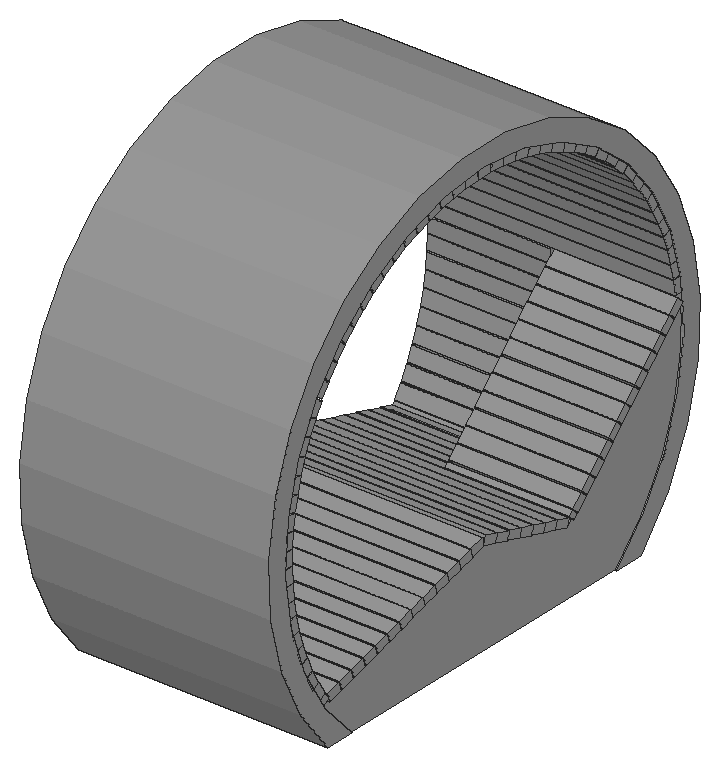
Revit family "Беседка «Калифорния» Арт 28364", category Антураж, Revit 2018 (continued)
Automatic sketch dimensions
  level to Extrusion 23 sketch curve = 374.414 mm
  Extrusion 23 sketch curve to Extrusion 23 sketch curve = 11.025 mm
  level to Extrusion 23 sketch curve = 316.669 mm
  level to Extrusion 24 sketch curve = 315.29 mm
  Extrusion 24 sketch curve to plane 5 = 795.338 mm
  level to Extrusion 24 sketch curve = 353.741 mm
  Extrusion 24 sketch curve to Extrusion 24 sketch curve = 11.025 mm
  level to Extrusion 24 sketch curve = 295.996 mm
  level to Extrusion 25 sketch curve = 294.618 mm
  Extrusion 25 sketch curve to plane 5 = 723.243 mm
  level to Extrusion 25 sketch curve = 333.068 mm
  Extrusion 25 sketch curve to Extrusion 25 sketch curve = 11.025 mm
  level to Extrusion 25 sketch curve = 275.323 mm
  level to Extrusion 26 sketch curve = 273.945 mm
  Extrusion 26 sketch curve to plane 5 = 651.148 mm
  level to Extrusion 26 sketch curve = 312.395 mm
  Extrusion 26 sketch curve to Extrusion 26 sketch curve = 11.025 mm
  level to Extrusion 26 sketch curve = 254.65 mm
  level to Extrusion 27 sketch curve = 253.272 mm
  Extrusion 27 sketch curve to plane 5 = 579.054 mm
  level to Extrusion 27 sketch curve = 291.722 mm
  Extrusion 27 sketch curve to Extrusion 27 sketch curve = 11.025 mm
  level to Extrusion 27 sketch curve = 233.977 mm
  level to Extrusion 28 sketch curve = 232.599 mm
  Extrusion 28 sketch curve to plane 5 = 506.959 mm
  level to Extrusion 28 sketch curve = 271.05 mm
  Extrusion 28 sketch curve to Extrusion 28 sketch curve = 11.025 mm
  level to Extrusion 28 sketch curve = 213.305 mm
  Extrusion 29 sketch curve to plane 5 = 434.864 mm
  level to Extrusion 29 sketch curve = 250.377 mm
  Extrusion 29 sketch curve to Extrusion 29 sketch curve = 11.025 mm
  Extrusion 29 sketch curve to Extrusion 29 sketch curve = 67.288 mm
  Extrusion 29 sketch curve to Extrusion 29 sketch curve = 19.295 mm
  level to Extrusion 30 sketch curve = 460 mm
  Extrusion 30 sketch curve to plane 1 "По центру (Вперед/Назад)" = 1300 mm
  level to Extrusion 30 sketch curve = 498.45 mm
  Extrusion 30 sketch curve to Extrusion 30 sketch curve = 11.025 mm
  level to Extrusion 30 sketch curve = 440.705 mm
  level to Extrusion 31 sketch curve = 439.327 mm
  Extrusion 31 sketch curve to plane 1 "По центру (Вперед/Назад)" = 1227.905 mm
  level to Extrusion 31 sketch curve = 477.778 mm
  Extrusion 31 sketch curve to Extrusion 31 sketch curve = 11.025 mm
  level to Extrusion 31 sketch curve = 420.033 mm
  level to Extrusion 32 sketch curve = 418.654 mm
  Extrusion 32 sketch curve to plane 1 "По центру (Вперед/Назад)" = 1155.811 mm
  level to Extrusion 32 sketch curve = 457.105 mm
  Extrusion 32 sketch curve to Extrusion 32 sketch curve = 11.025 mm
  level to Extrusion 32 sketch curve = 399.36 mm
  level to Extrusion 33 sketch curve = 397.982 mm
  Extrusion 33 sketch curve to plane 1 "По центру (Вперед/Назад)" = 1083.716 mm
  level to Extrusion 33 sketch curve = 436.432 mm
  Extrusion 33 sketch curve to Extrusion 33 sketch curve = 11.025 mm
  level to Extrusion 33 sketch curve = 378.687 mm
  level to Extrusion 34 sketch curve = 377.309 mm
  Extrusion 34 sketch curve to plane 1 "По центру (Вперед/Назад)" = 1011.621 mm
  level to Extrusion 34 sketch curve = 415.759 mm
  Extrusion 34 sketch curve to Extrusion 34 sketch curve = 11.025 mm
  level to Extrusion 34 sketch curve = 358.014 mm
  level to Extrusion 35 sketch curve = 356.636 mm
  Extrusion 35 sketch curve to plane 1 "По центру (Вперед/Назад)" = 939.527 mm
  level to Extrusion 35 sketch curve = 395.086 mm
  Extrusion 35 sketch curve to Extrusion 35 sketch curve = 11.025 mm
  level to Extrusion 35 sketch curve = 337.341 mm
  level to Extrusion 36 sketch curve = 335.963 mm
  Extrusion 36 sketch curve to plane 1 "По центру (Вперед/Назад)" = 867.432 mm
  level to Extrusion 36 sketch curve = 374.414 mm
  Extrusion 36 sketch curve to Extrusion 36 sketch curve = 11.025 mm
  level to Extrusion 36 sketch curve = 316.669 mm
  level to Extrusion 37 sketch curve = 315.29 mm
  Extrusion 37 sketch curve to plane 1 "По центру (Вперед/Назад)" = 795.338 mm
  level to Extrusion 37 sketch curve = 353.741 mm
  Extrusion 37 sketch curve to Extrusion 37 sketch curve = 11.025 mm
  level to Extrusion 37 sketch curve = 295.996 mm
  level to Extrusion 38 sketch curve = 294.618 mm
  Extrusion 38 sketch curve to plane 1 "По центру (Вперед/Назад)" = 723.243 mm
  level to Extrusion 38 sketch curve = 333.068 mm
  Extrusion 38 sketch curve to Extrusion 38 sketch curve = 11.025 mm
  level to Extrusion 38 sketch curve = 275.323 mm
  level to Extrusion 39 sketch curve = 273.945 mm
  Extrusion 39 sketch curve to plane 1 "По центру (Вперед/Назад)" = 651.148 mm
  level to Extrusion 39 sketch curve = 312.395 mm
  Extrusion 39 sketch curve to Extrusion 39 sketch curve = 11.025 mm
  level to Extrusion 39 sketch curve = 254.65 mm
  level to Extrusion 40 sketch curve = 253.272 mm
  Extrusion 40 sketch curve to plane 1 "По центру (Вперед/Назад)" = 579.054 mm
  level to Extrusion 40 sketch curve = 291.722 mm
  Extrusion 40 sketch curve to Extrusion 40 sketch curve = 11.025 mm
  level to Extrusion 40 sketch curve = 233.977 mm
  level to Extrusion 41 sketch curve = 232.599 mm
  Extrusion 41 sketch curve to plane 1 "По центру (Вперед/Назад)" = 506.959 mm
  level to Extrusion 41 sketch curve = 271.05 mm
  Extrusion 41 sketch curve to Extrusion 41 sketch curve = 11.025 mm
  level to Extrusion 41 sketch curve = 213.305 mm
  Extrusion 42 sketch curve to plane 1 "По центру (Вперед/Назад)" = 434.864 mm
  level to Extrusion 42 sketch curve = 250.377 mm
  Extrusion 42 sketch curve to Extrusion 42 sketch curve = 11.025 mm
  Extrusion 42 sketch curve to Extrusion 42 sketch curve = 67.288 mm
  Extrusion 42 sketch curve to Extrusion 42 sketch curve = 19.295 mm
  Extrusion 43 sketch curve to plane 5 = 181.35 mm
  Extrusion 43 sketch curve to Extrusion 43 sketch curve = 28.284 mm  (x2)
  Extrusion 43 sketch curve to Extrusion 43 sketch curve = 49.497 mm
  level to Extrusion 43 sketch curve = 936.97 mm
  Extrusion 44 sketch curve to Extrusion 44 sketch curve = 0 mm  (x2)
  plane 6 to Extrusion 44 sketch curve = 100.511 mm
  Extrusion 44 sketch curve to plane 1 "По центру (Вперед/Назад)" = 1265 mm
  Extrusion 44 sketch curve to Extrusion 44 sketch curve = 35 mm
  Extrusion 44 sketch curve to Extrusion 44 sketch curve = 70 mm
  Extrusion 44 sketch curve to Extrusion 44 sketch curve = 40.018 mm
  level to Extrusion 44 sketch curve = 894 mm
  Extrusion 45 sketch curve to Extrusion 45 sketch curve = 0 mm  (x2)
  plane 6 to Extrusion 45 sketch curve = 100.757 mm
  Extrusion 45 sketch curve to plane 5 = 1257.377 mm
  Extrusion 45 sketch curve to Extrusion 45 sketch curve = 35 mm
  Extrusion 45 sketch curve to Extrusion 45 sketch curve = 70 mm
  Extrusion 45 sketch curve to Extrusion 45 sketch curve = 40.018 mm
  Extrusion 45 sketch curve to Extrusion 45 sketch curve = 1159.472 mm
  Extrusion 46 sketch curve to Extrusion 46 sketch curve = 0 mm  (x2)
  plane 6 to Extrusion 46 sketch curve = 106.022 mm
  Extrusion 46 sketch curve to plane 5 = 1179.932 mm
  Extrusion 46 sketch curve to Extrusion 46 sketch curve = 35 mm
  Extrusion 46 sketch curve to Extrusion 46 sketch curve = 70 mm
  Extrusion 46 sketch curve to Extrusion 46 sketch curve = 40.018 mm
  Extrusion 46 sketch curve to Extrusion 46 sketch curve = 1159.472 mm
  Extrusion 47 sketch curve to Extrusion 47 sketch curve = 0 mm  (x2)
  plane 6 to Extrusion 47 sketch curve = 116.283 mm
  Extrusion 47 sketch curve to plane 5 = 1102.99 mm
  Extrusion 47 sketch curve to Extrusion 47 sketch curve = 35 mm
  Extrusion 47 sketch curve to Extrusion 47 sketch curve = 70 mm
  Extrusion 47 sketch curve to Extrusion 47 sketch curve = 40.018 mm
  Extrusion 47 sketch curve to Extrusion 47 sketch curve = 1159.472 mm
  Extrusion 48 sketch curve to Extrusion 48 sketch curve = 0 mm  (x2)
  plane 6 to Extrusion 48 sketch curve = 131.496 mm
  Extrusion 48 sketch curve to plane 5 = 1026.872 mm
  Extrusion 48 sketch curve to Extrusion 48 sketch curve = 35 mm
  Extrusion 48 sketch curve to Extrusion 48 sketch curve = 70 mm
  Extrusion 48 sketch curve to Extrusion 48 sketch curve = 40.018 mm
  Extrusion 48 sketch curve to Extrusion 48 sketch curve = 1159.472 mm
  Extrusion 49 sketch curve to Extrusion 49 sketch curve = 0 mm  (x2)
  plane 6 to Extrusion 49 sketch curve = 151.599 mm
  Extrusion 49 sketch curve to plane 5 = 951.896 mm
  Extrusion 49 sketch curve to Extrusion 49 sketch curve = 35 mm
  Extrusion 49 sketch curve to Extrusion 49 sketch curve = 70 mm
  Extrusion 49 sketch curve to Extrusion 49 sketch curve = 40.018 mm
  Extrusion 49 sketch curve to Extrusion 49 sketch curve = 1159.472 mm
  Extrusion 50 sketch curve to Extrusion 50 sketch curve = 0 mm  (x2)
  plane 6 to Extrusion 50 sketch curve = 176.508 mm
  Extrusion 50 sketch curve to plane 5 = 878.378 mm
  Extrusion 50 sketch curve to Extrusion 50 sketch curve = 35 mm
  Extrusion 50 sketch curve to Extrusion 50 sketch curve = 70 mm
  Extrusion 50 sketch curve to Extrusion 50 sketch curve = 40.018 mm
  Extrusion 50 sketch curve to Extrusion 50 sketch curve = 1159.472 mm
  Extrusion 51 sketch curve to Extrusion 51 sketch curve = 0 mm  (x2)
  plane 6 to Extrusion 51 sketch curve = 206.117 mm
  Extrusion 51 sketch curve to plane 5 = 806.623 mm
  Extrusion 51 sketch curve to Extrusion 51 sketch curve = 35 mm
  Extrusion 51 sketch curve to Extrusion 51 sketch curve = 70 mm
  Extrusion 51 sketch curve to Extrusion 51 sketch curve = 40.018 mm
  Extrusion 51 sketch curve to Extrusion 51 sketch curve = 1159.472 mm
  Extrusion 52 sketch curve to Extrusion 52 sketch curve = 0 mm  (x2)
  plane 6 to Extrusion 52 sketch curve = 240.304 mm
  Extrusion 52 sketch curve to plane 5 = 736.933 mm
  Extrusion 52 sketch curve to Extrusion 52 sketch curve = 35 mm
  Extrusion 52 sketch curve to Extrusion 52 sketch curve = 70 mm
  Extrusion 52 sketch curve to Extrusion 52 sketch curve = 40.018 mm
  Extrusion 52 sketch curve to Extrusion 52 sketch curve = 1159.472 mm
  Extrusion 53 sketch curve to Extrusion 53 sketch curve = 0 mm  (x2)
  plane 6 to Extrusion 53 sketch curve = 278.925 mm
  Extrusion 53 sketch curve to plane 5 = 669.599 mm
  Extrusion 53 sketch curve to Extrusion 53 sketch curve = 35 mm
  Extrusion 53 sketch curve to Extrusion 53 sketch curve = 70 mm
  Extrusion 53 sketch curve to Extrusion 53 sketch curve = 40.018 mm
  Extrusion 53 sketch curve to Extrusion 53 sketch curve = 1159.472 mm
  Extrusion 54 sketch curve to Extrusion 54 sketch curve = 0 mm  (x2)
  plane 6 to Extrusion 54 sketch curve = 321.818 mm
  Extrusion 54 sketch curve to plane 5 = 604.903 mm
  Extrusion 54 sketch curve to Extrusion 54 sketch curve = 35 mm
  Extrusion 54 sketch curve to Extrusion 54 sketch curve = 70 mm
  Extrusion 54 sketch curve to Extrusion 54 sketch curve = 40.018 mm
  Extrusion 54 sketch curve to Extrusion 54 sketch curve = 1159.472 mm
  Extrusion 55 sketch curve to Extrusion 55 sketch curve = 0 mm  (x2)
  plane 6 to Extrusion 55 sketch curve = 368.804 mm
  Extrusion 55 sketch curve to plane 5 = 543.116 mm
  Extrusion 55 sketch curve to Extrusion 55 sketch curve = 35 mm
  Extrusion 55 sketch curve to Extrusion 55 sketch curve = 70 mm
  Extrusion 55 sketch curve to Extrusion 55 sketch curve = 40.018 mm
  Extrusion 55 sketch curve to Extrusion 55 sketch curve = 1159.472 mm
  Extrusion 56 sketch curve to Extrusion 56 sketch curve = 0 mm  (x2)
  plane 6 to Extrusion 56 sketch curve = 419.687 mm
  Extrusion 56 sketch curve to plane 5 = 484.495 mm
  Extrusion 56 sketch curve to Extrusion 56 sketch curve = 35 mm
  Extrusion 56 sketch curve to Extrusion 56 sketch curve = 70 mm
  Extrusion 56 sketch curve to Extrusion 56 sketch curve = 40.018 mm
  Extrusion 56 sketch curve to Extrusion 56 sketch curve = 1159.472 mm
  Extrusion 57 sketch curve to Extrusion 57 sketch curve = 0 mm  (x2)
  Extrusion 57 sketch curve to plane 5 = 429.287 mm
  plane 6 to Extrusion 57 sketch curve = 474.253 mm
  Extrusion 57 sketch curve to Extrusion 57 sketch curve = 35 mm
  Extrusion 57 sketch curve to Extrusion 57 sketch curve = 70 mm
  Extrusion 57 sketch curve to Extrusion 57 sketch curve = 40.018 mm
  Extrusion 57 sketch curve to Extrusion 57 sketch curve = 1159.472 mm
  Extrusion 58 sketch curve to Extrusion 58 sketch curve = 0 mm  (x2)
  Extrusion 58 sketch curve to plane 5 = 377.722 mm
  plane 6 to Extrusion 58 sketch curve = 532.274 mm
  Extrusion 58 sketch curve to Extrusion 58 sketch curve = 35 mm
  Extrusion 58 sketch curve to Extrusion 58 sketch curve = 70 mm
  Extrusion 58 sketch curve to Extrusion 58 sketch curve = 40.018 mm
  Extrusion 58 sketch curve to Extrusion 58 sketch curve = 1159.472 mm
  Extrusion 59 sketch curve to Extrusion 59 sketch curve = 0 mm  (x2)
  Extrusion 59 sketch curve to plane 5 = 330.016 mm
  plane 6 to Extrusion 59 sketch curve = 593.508 mm
  Extrusion 59 sketch curve to Extrusion 59 sketch curve = 35 mm
  Extrusion 59 sketch curve to Extrusion 59 sketch curve = 70 mm
  Extrusion 59 sketch curve to Extrusion 59 sketch curve = 40.018 mm
  Extrusion 59 sketch curve to Extrusion 59 sketch curve = 1159.472 mm
  Extrusion 60 sketch curve to Extrusion 60 sketch curve = 0 mm  (x2)
  Extrusion 60 sketch curve to plane 5 = 286.369 mm
  plane 6 to Extrusion 60 sketch curve = 657.698 mm
  Extrusion 60 sketch curve to Extrusion 60 sketch curve = 35 mm
  Extrusion 60 sketch curve to Extrusion 60 sketch curve = 70 mm
  Extrusion 60 sketch curve to Extrusion 60 sketch curve = 40.018 mm
  Extrusion 60 sketch curve to Extrusion 60 sketch curve = 1159.472 mm
  Extrusion 61 sketch curve to Extrusion 61 sketch curve = 0 mm  (x2)
  Extrusion 61 sketch curve to plane 5 = 246.963 mm
  plane 6 to Extrusion 61 sketch curve = 724.575 mm
  Extrusion 61 sketch curve to Extrusion 61 sketch curve = 35 mm
  Extrusion 61 sketch curve to Extrusion 61 sketch curve = 70 mm
  Extrusion 61 sketch curve to Extrusion 61 sketch curve = 40.018 mm
  Extrusion 61 sketch curve to Extrusion 61 sketch curve = 1159.472 mm
  Extrusion 62 sketch curve to Extrusion 62 sketch curve = 0 mm  (x2)
  Extrusion 62 sketch curve to plane 5 = 211.964 mm
  plane 6 to Extrusion 62 sketch curve = 793.861 mm
  Extrusion 62 sketch curve to Extrusion 62 sketch curve = 35 mm
  Extrusion 62 sketch curve to Extrusion 62 sketch curve = 70 mm
  Extrusion 62 sketch curve to Extrusion 62 sketch curve = 40.018 mm
  Extrusion 62 sketch curve to Extrusion 62 sketch curve = 1159.472 mm
  Extrusion 63 sketch curve to Extrusion 63 sketch curve = 0 mm  (x2)
  Extrusion 63 sketch curve to plane 5 = 181.517 mm
  plane 6 to Extrusion 63 sketch curve = 865.264 mm
  Extrusion 63 sketch curve to Extrusion 63 sketch curve = 35 mm
  Extrusion 63 sketch curve to Extrusion 63 sketch curve = 70 mm
  Extrusion 63 sketch curve to Extrusion 63 sketch curve = 40.018 mm
  Extrusion 63 sketch curve to Extrusion 63 sketch curve = 1159.472 mm
  Extrusion 64 sketch curve to Extrusion 64 sketch curve = 0 mm  (x2)
  Extrusion 64 sketch curve to plane 5 = 155.75 mm
  plane 6 to Extrusion 64 sketch curve = 938.486 mm
  Extrusion 64 sketch curve to Extrusion 64 sketch curve = 35 mm
  Extrusion 64 sketch curve to Extrusion 64 sketch curve = 70 mm
  Extrusion 64 sketch curve to Extrusion 64 sketch curve = 40.018 mm
  Extrusion 64 sketch curve to Extrusion 64 sketch curve = 1159.472 mm
  Extrusion 65 sketch curve to Extrusion 65 sketch curve = 0 mm  (x2)
  Extrusion 65 sketch curve to plane 5 = 134.771 mm
  plane 6 to Extrusion 65 sketch curve = 1013.221 mm
  Extrusion 65 sketch curve to Extrusion 65 sketch curve = 35 mm
  Extrusion 65 sketch curve to Extrusion 65 sketch curve = 70 mm
  Extrusion 65 sketch curve to Extrusion 65 sketch curve = 40.018 mm
  Extrusion 65 sketch curve to Extrusion 65 sketch curve = 1159.472 mm
  Extrusion 66 sketch curve to Extrusion 66 sketch curve = 0 mm  (x2)
  Extrusion 66 sketch curve to plane 5 = 118.668 mm
  plane 6 to Extrusion 66 sketch curve = 1089.156 mm
  Extrusion 66 sketch curve to Extrusion 66 sketch curve = 35 mm
  Extrusion 66 sketch curve to Extrusion 66 sketch curve = 70 mm
  Extrusion 66 sketch curve to Extrusion 66 sketch curve = 40.018 mm
  Extrusion 66 sketch curve to Extrusion 66 sketch curve = 1159.472 mm
  Extrusion 67 sketch curve to Extrusion 67 sketch curve = 0 mm  (x2)
  Extrusion 67 sketch curve to plane 5 = 107.508 mm
  level to Extrusion 67 sketch curve = 1028.027 mm
  Extrusion 67 sketch curve to Extrusion 67 sketch curve = 35 mm
  Extrusion 67 sketch curve to Extrusion 67 sketch curve = 70 mm
  Extrusion 67 sketch curve to Extrusion 67 sketch curve = 40.018 mm
  Extrusion 67 sketch curve to Extrusion 67 sketch curve = 1159.472 mm
  Extrusion 68 sketch curve to Extrusion 68 sketch curve = 0 mm  (x2)
  Extrusion 68 sketch curve to plane 5 = 101.338 mm
  level to Extrusion 68 sketch curve = 950.649 mm
  Extrusion 68 sketch curve to Extrusion 68 sketch curve = 35 mm
  Extrusion 68 sketch curve to Extrusion 68 sketch curve = 70 mm
  Extrusion 68 sketch curve to Extrusion 68 sketch curve = 40.018 mm
  Extrusion 68 sketch curve to Extrusion 68 sketch curve = 1159.472 mm
  Extrusion 69 sketch curve to Extrusion 69 sketch curve = 0 mm  (x2)
  Extrusion 69 sketch curve to plane 5 = 100.183 mm
  level to Extrusion 69 sketch curve = 873.034 mm
  Extrusion 69 sketch curve to Extrusion 69 sketch curve = 35 mm
  Extrusion 69 sketch curve to Extrusion 69 sketch curve = 70 mm
  Extrusion 69 sketch curve to Extrusion 69 sketch curve = 40.018 mm
  Extrusion 69 sketch curve to Extrusion 69 sketch curve = 1159.472 mm
  Extrusion 70 sketch curve to Extrusion 70 sketch curve = 0 mm  (x2)
  Extrusion 70 sketch curve to plane 5 = 104.049 mm
  level to Extrusion 70 sketch curve = 795.507 mm
  Extrusion 70 sketch curve to Extrusion 70 sketch curve = 35 mm
  Extrusion 70 sketch curve to Extrusion 70 sketch curve = 70 mm
  Extrusion 70 sketch curve to Extrusion 70 sketch curve = 40.018 mm
  Extrusion 70 sketch curve to Extrusion 70 sketch curve = 1159.472 mm
  Extrusion 71 sketch curve to Extrusion 71 sketch curve = 0 mm  (x2)
  Extrusion 71 sketch curve to plane 5 = 112.919 mm
  level to Extrusion 71 sketch curve = 718.392 mm
  Extrusion 71 sketch curve to Extrusion 71 sketch curve = 35 mm
  Extrusion 71 sketch curve to Extrusion 71 sketch curve = 70 mm
  Extrusion 71 sketch curve to Extrusion 71 sketch curve = 40.018 mm
  Extrusion 71 sketch curve to Extrusion 71 sketch curve = 1159.472 mm
  Extrusion 72 sketch curve to Extrusion 72 sketch curve = 0 mm  (x2)
  Extrusion 72 sketch curve to plane 5 = 126.756 mm
  level to Extrusion 72 sketch curve = 642.012 mm
  Extrusion 72 sketch curve to Extrusion 72 sketch curve = 35 mm
  Extrusion 72 sketch curve to Extrusion 72 sketch curve = 70 mm
  Extrusion 72 sketch curve to Extrusion 72 sketch curve = 40.018 mm
  Extrusion 72 sketch curve to Extrusion 72 sketch curve = 1159.472 mm
  Extrusion 73 sketch curve to Extrusion 73 sketch curve = 0 mm  (x2)
  Extrusion 73 sketch curve to plane 5 = 145.502 mm
  level to Extrusion 73 sketch curve = 566.686 mm
  Extrusion 73 sketch curve to Extrusion 73 sketch curve = 35 mm
  Extrusion 73 sketch curve to Extrusion 73 sketch curve = 70 mm
  Extrusion 73 sketch curve to Extrusion 73 sketch curve = 40.018 mm
  Extrusion 73 sketch curve to Extrusion 73 sketch curve = 1159.472 mm
  Extrusion 74 sketch curve to Extrusion 74 sketch curve = 0 mm  (x2)
  Extrusion 74 sketch curve to plane 5 = 169.079 mm
  level to Extrusion 74 sketch curve = 492.73 mm
  Extrusion 74 sketch curve to Extrusion 74 sketch curve = 35 mm
  Extrusion 74 sketch curve to Extrusion 74 sketch curve = 70 mm
  Extrusion 74 sketch curve to Extrusion 74 sketch curve = 40.018 mm
  Extrusion 74 sketch curve to Extrusion 74 sketch curve = 1159.472 mm
  Extrusion 75 sketch curve to Extrusion 75 sketch curve = 0 mm  (x2)
  Extrusion 75 sketch curve to plane 5 = 197.388 mm
  level to Extrusion 75 sketch curve = 420.452 mm
  Extrusion 75 sketch curve to Extrusion 75 sketch curve = 35 mm
  Extrusion 75 sketch curve to Extrusion 75 sketch curve = 70 mm
  Extrusion 75 sketch curve to Extrusion 75 sketch curve = 40.018 mm
  Extrusion 75 sketch curve to Extrusion 75 sketch curve = 1159.472 mm
  Extrusion 76 sketch curve to Extrusion 76 sketch curve = 0 mm  (x2)
  Extrusion 76 sketch curve to plane 5 = 230.311 mm
  level to Extrusion 76 sketch curve = 350.156 mm
  Extrusion 76 sketch curve to Extrusion 76 sketch curve = 35 mm
  Extrusion 76 sketch curve to Extrusion 76 sketch curve = 70 mm
  Extrusion 76 sketch curve to Extrusion 76 sketch curve = 40.018 mm
  Extrusion 76 sketch curve to Extrusion 76 sketch curve = 1159.472 mm
  Extrusion 77 sketch curve to Extrusion 77 sketch curve = 0 mm  (x2)
  Extrusion 77 sketch curve to plane 5 = 267.71 mm
  level to Extrusion 77 sketch curve = 282.136 mm
  Extrusion 77 sketch curve to Extrusion 77 sketch curve = 35 mm
  Extrusion 77 sketch curve to Extrusion 77 sketch curve = 70 mm
  Extrusion 77 sketch curve to Extrusion 77 sketch curve = 40.018 mm
  Extrusion 77 sketch curve to Extrusion 77 sketch curve = 1159.472 mm
  Extrusion 78 sketch curve to Extrusion 78 sketch curve = 0 mm  (x2)
  level to Extrusion 78 sketch curve = 240.218 mm
  Extrusion 78 sketch curve to plane 5 = 341.789 mm
  Extrusion 78 sketch curve to Extrusion 78 sketch curve = 35 mm
  Extrusion 78 sketch curve to Extrusion 78 sketch curve = 1159.472 mm
  Extrusion 78 sketch curve to Extrusion 78 sketch curve = 40.018 mm
  Extrusion 79 sketch curve to plane 5 = 787.422 mm
  level to Extrusion 79 sketch curve = 378.356 mm
  Extrusion 79 sketch curve to Extrusion 79 sketch curve = 19.174 mm
  level to Extrusion 79 sketch curve = 330.898 mm
  Extrusion 79 sketch curve to Extrusion 79 sketch curve = 28.284 mm
  Extrusion 80 sketch curve to Extrusion 80 sketch curve = 0 mm  (x3)
  Extrusion 80 sketch curve to level = 0 mm
  Extrusion 80 sketch curve to plane 1 "По центру (Вперед/Назад)" = 103.568 mm
  Extrusion 80 sketch curve to plane 1 "По центру (Вперед/Назад)" = 499.523 mm
  level to Extrusion 80 sketch curve = 310.701 mm
  Extrusion 80 sketch curve to Extrusion 80 sketch curve = 279.811 mm
  Extrusion 80 sketch curve to Extrusion 80 sketch curve = 520.666 mm
  level to Extrusion 80 sketch curve = 460 mm
  Extrusion 80 sketch curve to plane 5 = 499.523 mm
  level to Extrusion 80 sketch curve = 182.841 mm
  Extrusion 80 sketch curve to Extrusion 80 sketch curve = 166.09 mm
  Extrusion 81 sketch curve to Extrusion 81 sketch curve = 0 mm  (x3)
  Extrusion 81 sketch curve to level = 0 mm
  Extrusion 81 sketch curve to plane 1 "По центру (Вперед/Назад)" = 103.568 mm
  Extrusion 81 sketch curve to plane 1 "По центру (Вперед/Назад)" = 499.523 mm
  level to Extrusion 81 sketch curve = 310.701 mm
  Extrusion 81 sketch curve to Extrusion 81 sketch curve = 279.811 mm
  Extrusion 81 sketch curve to Extrusion 81 sketch curve = 520.666 mm
  level to Extrusion 81 sketch curve = 460 mm
  Extrusion 81 sketch curve to plane 5 = 499.523 mm
  level to Extrusion 81 sketch curve = 182.841 mm
  Extrusion 81 sketch curve to Extrusion 81 sketch curve = 166.09 mm
  Extrusion 82 sketch curve to plane 1 "По центру (Вперед/Назад)" = 234.383 mm
  Extrusion 82 sketch curve to Extrusion 82 sketch curve = 28.284 mm  (x2)
  Extrusion 82 sketch curve to Extrusion 82 sketch curve = 49.497 mm
  level to Extrusion 82 sketch curve = 883.937 mm
  Extrusion 83 sketch curve to plane 1 "По центру (Вперед/Назад)" = 287.416 mm
  Extrusion 83 sketch curve to Extrusion 83 sketch curve = 28.284 mm  (x2)
  Extrusion 83 sketch curve to Extrusion 83 sketch curve = 49.497 mm
  level to Extrusion 83 sketch curve = 830.904 mm
  Extrusion 84 sketch curve to plane 1 "По центру (Вперед/Назад)" = 340.449 mm
  Extrusion 84 sketch curve to Extrusion 84 sketch curve = 28.284 mm  (x2)
  Extrusion 84 sketch curve to Extrusion 84 sketch curve = 49.497 mm
  level to Extrusion 84 sketch curve = 777.871 mm
  Extrusion 85 sketch curve to plane 1 "По центру (Вперед/Назад)" = 393.482 mm
  Extrusion 85 sketch curve to Extrusion 85 sketch curve = 28.284 mm  (x2)
  Extrusion 85 sketch curve to Extrusion 85 sketch curve = 49.497 mm
  level to Extrusion 85 sketch curve = 724.838 mm
  Extrusion 86 sketch curve to plane 1 "По центру (Вперед/Назад)" = 446.515 mm
  Extrusion 86 sketch curve to Extrusion 86 sketch curve = 28.284 mm  (x2)
  Extrusion 86 sketch curve to Extrusion 86 sketch curve = 49.497 mm
  level to Extrusion 86 sketch curve = 671.805 mm
  Extrusion 87 sketch curve to plane 1 "По центру (Вперед/Назад)" = 499.548 mm
  Extrusion 87 sketch curve to Extrusion 87 sketch curve = 28.284 mm  (x2)
  Extrusion 87 sketch curve to Extrusion 87 sketch curve = 49.497 mm
  level to Extrusion 87 sketch curve = 618.772 mm
  Extrusion 88 sketch curve to plane 1 "По центру (Вперед/Назад)" = 552.581 mm
  Extrusion 88 sketch curve to Extrusion 88 sketch curve = 28.284 mm  (x2)
  Extrusion 88 sketch curve to Extrusion 88 sketch curve = 49.497 mm
  level to Extrusion 88 sketch curve = 565.739 mm
  Extrusion 89 sketch curve to plane 1 "По центру (Вперед/Назад)" = 605.614 mm
  Extrusion 89 sketch curve to Extrusion 89 sketch curve = 28.284 mm  (x2)
  Extrusion 89 sketch curve to Extrusion 89 sketch curve = 49.497 mm
  level to Extrusion 89 sketch curve = 512.706 mm
  Extrusion 90 sketch curve to plane 1 "По центру (Вперед/Назад)" = 658.647 mm
  Extrusion 90 sketch curve to Extrusion 90 sketch curve = 28.284 mm  (x2)
  Extrusion 90 sketch curve to Extrusion 90 sketch curve = 49.497 mm
  level to Extrusion 90 sketch curve = 459.673 mm
  Extrusion 91 sketch curve to plane 1 "По центру (Вперед/Назад)" = 711.68 mm
  level to Extrusion 91 sketch curve = 406.64 mm
  Extrusion 91 sketch curve to Extrusion 91 sketch curve = 28.284 mm
  level to Extrusion 91 sketch curve = 484.422 mm
  Extrusion 91 sketch curve to Extrusion 91 sketch curve = 49.497 mm
  Extrusion 92 sketch curve to plane 1 "По центру (Вперед/Назад)" = 764.713 mm
  level to Extrusion 92 sketch curve = 353.607 mm
  Extrusion 92 sketch curve to Extrusion 92 sketch curve = 28.284 mm
  level to Extrusion 92 sketch curve = 431.389 mm
  Extrusion 92 sketch curve to Extrusion 92 sketch curve = 49.497 mm
  Extrusion 93 sketch curve to plane 1 "По центру (Вперед/Назад)" = 181.35 mm
  Extrusion 93 sketch curve to Extrusion 93 sketch curve = 28.284 mm  (x2)
  Extrusion 93 sketch curve to Extrusion 93 sketch curve = 49.497 mm
  level to Extrusion 93 sketch curve = 936.97 mm
  Extrusion 94 sketch curve to Extrusion 94 sketch curve = 0 mm  (x2)
  plane 6 to Extrusion 94 sketch curve = 100.511 mm
  Extrusion 94 sketch curve to plane 5 = 1265 mm
  Extrusion 94 sketch curve to Extrusion 94 sketch curve = 35 mm
  Extrusion 94 sketch curve to Extrusion 94 sketch curve = 70 mm
  Extrusion 94 sketch curve to Extrusion 94 sketch curve = 40.018 mm
  level to Extrusion 94 sketch curve = 894 mm
  Extrusion 95 sketch curve to Extrusion 95 sketch curve = 0 mm  (x2)
  plane 6 to Extrusion 95 sketch curve = 100.757 mm
  Extrusion 95 sketch curve to plane 1 "По центру (Вперед/Назад)" = 1257.377 mm
  Extrusion 95 sketch curve to Extrusion 95 sketch curve = 35 mm
  Extrusion 95 sketch curve to Extrusion 95 sketch curve = 70 mm
  Extrusion 95 sketch curve to Extrusion 95 sketch curve = 40.018 mm
  Extrusion 95 sketch curve to Extrusion 95 sketch curve = 1159.472 mm
  Extrusion 96 sketch curve to Extrusion 96 sketch curve = 0 mm  (x2)
  plane 6 to Extrusion 96 sketch curve = 106.022 mm
  Extrusion 96 sketch curve to plane 1 "По центру (Вперед/Назад)" = 1179.932 mm
  Extrusion 96 sketch curve to Extrusion 96 sketch curve = 35 mm
  Extrusion 96 sketch curve to Extrusion 96 sketch curve = 70 mm
  Extrusion 96 sketch curve to Extrusion 96 sketch curve = 40.018 mm
  Extrusion 96 sketch curve to Extrusion 96 sketch curve = 1159.472 mm
  Extrusion 97 sketch curve to Extrusion 97 sketch curve = 0 mm  (x2)
  plane 6 to Extrusion 97 sketch curve = 116.283 mm
  Extrusion 97 sketch curve to plane 1 "По центру (Вперед/Назад)" = 1102.99 mm
  Extrusion 97 sketch curve to Extrusion 97 sketch curve = 35 mm
  Extrusion 97 sketch curve to Extrusion 97 sketch curve = 70 mm
  Extrusion 97 sketch curve to Extrusion 97 sketch curve = 40.018 mm
  Extrusion 97 sketch curve to Extrusion 97 sketch curve = 1159.472 mm
  Extrusion 98 sketch curve to Extrusion 98 sketch curve = 0 mm  (x2)
  plane 6 to Extrusion 98 sketch curve = 131.496 mm
  Extrusion 98 sketch curve to plane 1 "По центру (Вперед/Назад)" = 1026.872 mm
  Extrusion 98 sketch curve to Extrusion 98 sketch curve = 35 mm
  Extrusion 98 sketch curve to Extrusion 98 sketch curve = 70 mm
  Extrusion 98 sketch curve to Extrusion 98 sketch curve = 40.018 mm
  Extrusion 98 sketch curve to Extrusion 98 sketch curve = 1159.472 mm
  Extrusion 99 sketch curve to Extrusion 99 sketch curve = 0 mm  (x2)
  plane 6 to Extrusion 99 sketch curve = 151.599 mm
  Extrusion 99 sketch curve to plane 1 "По центру (Вперед/Назад)" = 951.896 mm
  Extrusion 99 sketch curve to Extrusion 99 sketch curve = 35 mm
  Extrusion 99 sketch curve to Extrusion 99 sketch curve = 70 mm
  Extrusion 99 sketch curve to Extrusion 99 sketch curve = 40.018 mm
  Extrusion 99 sketch curve to Extrusion 99 sketch curve = 1159.472 mm
  Extrusion 100 sketch curve to Extrusion 100 sketch curve = 0 mm  (x2)
  plane 6 to Extrusion 100 sketch curve = 176.508 mm
  Extrusion 100 sketch curve to plane 1 "По центру (Вперед/Назад)" = 878.378 mm
  Extrusion 100 sketch curve to Extrusion 100 sketch curve = 35 mm
  Extrusion 100 sketch curve to Extrusion 100 sketch curve = 70 mm
  Extrusion 100 sketch curve to Extrusion 100 sketch curve = 40.018 mm
  Extrusion 100 sketch curve to Extrusion 100 sketch curve = 1159.472 mm
  Extrusion 101 sketch curve to Extrusion 101 sketch curve = 0 mm  (x2)
  plane 6 to Extrusion 101 sketch curve = 206.117 mm
  Extrusion 101 sketch curve to plane 1 "По центру (Вперед/Назад)" = 806.623 mm
  Extrusion 101 sketch curve to Extrusion 101 sketch curve = 35 mm
  Extrusion 101 sketch curve to Extrusion 101 sketch curve = 70 mm
  Extrusion 101 sketch curve to Extrusion 101 sketch curve = 40.018 mm
  Extrusion 101 sketch curve to Extrusion 101 sketch curve = 1159.472 mm
  Extrusion 102 sketch curve to Extrusion 102 sketch curve = 0 mm  (x2)
  plane 6 to Extrusion 102 sketch curve = 240.304 mm
  Extrusion 102 sketch curve to plane 1 "По центру (Вперед/Назад)" = 736.933 mm
  Extrusion 102 sketch curve to Extrusion 102 sketch curve = 35 mm
  Extrusion 102 sketch curve to Extrusion 102 sketch curve = 70 mm
  Extrusion 102 sketch curve to Extrusion 102 sketch curve = 40.018 mm
  Extrusion 102 sketch curve to Extrusion 102 sketch curve = 1159.472 mm
  Extrusion 103 sketch curve to Extrusion 103 sketch curve = 0 mm  (x2)
  plane 6 to Extrusion 103 sketch curve = 278.925 mm
  Extrusion 103 sketch curve to plane 1 "По центру (Вперед/Назад)" = 669.599 mm
  Extrusion 103 sketch curve to Extrusion 103 sketch curve = 35 mm
  Extrusion 103 sketch curve to Extrusion 103 sketch curve = 70 mm
  Extrusion 103 sketch curve to Extrusion 103 sketch curve = 40.018 mm
  Extrusion 103 sketch curve to Extrusion 103 sketch curve = 1159.472 mm
  Extrusion 104 sketch curve to Extrusion 104 sketch curve = 0 mm  (x2)
  plane 6 to Extrusion 104 sketch curve = 321.818 mm
  Extrusion 104 sketch curve to plane 1 "По центру (Вперед/Назад)" = 604.903 mm
  Extrusion 104 sketch curve to Extrusion 104 sketch curve = 35 mm
  Extrusion 104 sketch curve to Extrusion 104 sketch curve = 70 mm
  Extrusion 104 sketch curve to Extrusion 104 sketch curve = 40.018 mm
  Extrusion 104 sketch curve to Extrusion 104 sketch curve = 1159.472 mm
  Extrusion 105 sketch curve to Extrusion 105 sketch curve = 0 mm  (x2)
  plane 6 to Extrusion 105 sketch curve = 368.804 mm
  Extrusion 105 sketch curve to plane 1 "По центру (Вперед/Назад)" = 543.116 mm
  Extrusion 105 sketch curve to Extrusion 105 sketch curve = 35 mm
  Extrusion 105 sketch curve to Extrusion 105 sketch curve = 70 mm
  Extrusion 105 sketch curve to Extrusion 105 sketch curve = 40.018 mm
  Extrusion 105 sketch curve to Extrusion 105 sketch curve = 1159.472 mm
  Extrusion 106 sketch curve to Extrusion 106 sketch curve = 0 mm  (x2)
  plane 6 to Extrusion 106 sketch curve = 419.687 mm
  Extrusion 106 sketch curve to plane 1 "По центру (Вперед/Назад)" = 484.495 mm
  Extrusion 106 sketch curve to Extrusion 106 sketch curve = 35 mm
  Extrusion 106 sketch curve to Extrusion 106 sketch curve = 70 mm
  Extrusion 106 sketch curve to Extrusion 106 sketch curve = 40.018 mm
  Extrusion 106 sketch curve to Extrusion 106 sketch curve = 1159.472 mm
  Extrusion 107 sketch curve to Extrusion 107 sketch curve = 0 mm  (x2)
  Extrusion 107 sketch curve to plane 1 "По центру (Вперед/Назад)" = 429.287 mm
  plane 6 to Extrusion 107 sketch curve = 474.253 mm
  Extrusion 107 sketch curve to Extrusion 107 sketch curve = 35 mm
  Extrusion 107 sketch curve to Extrusion 107 sketch curve = 70 mm
  Extrusion 107 sketch curve to Extrusion 107 sketch curve = 40.018 mm
  Extrusion 107 sketch curve to Extrusion 107 sketch curve = 1159.472 mm
  Extrusion 108 sketch curve to Extrusion 108 sketch curve = 0 mm  (x2)
  Extrusion 108 sketch curve to plane 1 "По центру (Вперед/Назад)" = 377.722 mm
  plane 6 to Extrusion 108 sketch curve = 532.274 mm
  Extrusion 108 sketch curve to Extrusion 108 sketch curve = 35 mm
  Extrusion 108 sketch curve to Extrusion 108 sketch curve = 70 mm
  Extrusion 108 sketch curve to Extrusion 108 sketch curve = 40.018 mm
  Extrusion 108 sketch curve to Extrusion 108 sketch curve = 1159.472 mm
  Extrusion 109 sketch curve to Extrusion 109 sketch curve = 0 mm  (x2)
  Extrusion 109 sketch curve to plane 1 "По центру (Вперед/Назад)" = 330.016 mm
  plane 6 to Extrusion 109 sketch curve = 593.508 mm
  Extrusion 109 sketch curve to Extrusion 109 sketch curve = 35 mm
  Extrusion 109 sketch curve to Extrusion 109 sketch curve = 70 mm
  Extrusion 109 sketch curve to Extrusion 109 sketch curve = 40.018 mm
  Extrusion 109 sketch curve to Extrusion 109 sketch curve = 1159.472 mm
  Extrusion 110 sketch curve to Extrusion 110 sketch curve = 0 mm  (x2)
  Extrusion 110 sketch curve to plane 1 "По центру (Вперед/Назад)" = 286.369 mm
  plane 6 to Extrusion 110 sketch curve = 657.698 mm
  Extrusion 110 sketch curve to Extrusion 110 sketch curve = 35 mm
  Extrusion 110 sketch curve to Extrusion 110 sketch curve = 70 mm
  Extrusion 110 sketch curve to Extrusion 110 sketch curve = 40.018 mm
  Extrusion 110 sketch curve to Extrusion 110 sketch curve = 1159.472 mm
  Extrusion 111 sketch curve to Extrusion 111 sketch curve = 0 mm  (x2)
  Extrusion 111 sketch curve to plane 1 "По центру (Вперед/Назад)" = 246.963 mm
  plane 6 to Extrusion 111 sketch curve = 724.575 mm
  Extrusion 111 sketch curve to Extrusion 111 sketch curve = 35 mm
  Extrusion 111 sketch curve to Extrusion 111 sketch curve = 70 mm
  Extrusion 111 sketch curve to Extrusion 111 sketch curve = 40.018 mm
  Extrusion 111 sketch curve to Extrusion 111 sketch curve = 1159.472 mm
  Extrusion 112 sketch curve to Extrusion 112 sketch curve = 0 mm  (x2)
  Extrusion 112 sketch curve to plane 1 "По центру (Вперед/Назад)" = 211.964 mm
  plane 6 to Extrusion 112 sketch curve = 793.861 mm
  Extrusion 112 sketch curve to Extrusion 112 sketch curve = 35 mm
  Extrusion 112 sketch curve to Extrusion 112 sketch curve = 70 mm
  Extrusion 112 sketch curve to Extrusion 112 sketch curve = 40.018 mm
  Extrusion 112 sketch curve to Extrusion 112 sketch curve = 1159.472 mm
  Extrusion 113 sketch curve to Extrusion 113 sketch curve = 0 mm  (x2)
  Extrusion 113 sketch curve to plane 1 "По центру (Вперед/Назад)" = 181.517 mm
  plane 6 to Extrusion 113 sketch curve = 865.264 mm
  Extrusion 113 sketch curve to Extrusion 113 sketch curve = 35 mm
  Extrusion 113 sketch curve to Extrusion 113 sketch curve = 70 mm
  Extrusion 113 sketch curve to Extrusion 113 sketch curve = 40.018 mm
  Extrusion 113 sketch curve to Extrusion 113 sketch curve = 1159.472 mm
  Extrusion 114 sketch curve to Extrusion 114 sketch curve = 0 mm  (x2)
  Extrusion 114 sketch curve to plane 1 "По центру (Вперед/Назад)" = 155.75 mm
  plane 6 to Extrusion 114 sketch curve = 938.486 mm
  Extrusion 114 sketch curve to Extrusion 114 sketch curve = 35 mm
  Extrusion 114 sketch curve to Extrusion 114 sketch curve = 70 mm
  Extrusion 114 sketch curve to Extrusion 114 sketch curve = 40.018 mm
  Extrusion 114 sketch curve to Extrusion 114 sketch curve = 1159.472 mm
  Extrusion 115 sketch curve to Extrusion 115 sketch curve = 0 mm  (x2)
  Extrusion 115 sketch curve to plane 1 "По центру (Вперед/Назад)" = 134.771 mm
  plane 6 to Extrusion 115 sketch curve = 1013.221 mm
  Extrusion 115 sketch curve to Extrusion 115 sketch curve = 35 mm
  Extrusion 115 sketch curve to Extrusion 115 sketch curve = 70 mm
  Extrusion 115 sketch curve to Extrusion 115 sketch curve = 40.018 mm
  Extrusion 115 sketch curve to Extrusion 115 sketch curve = 1159.472 mm
  Extrusion 116 sketch curve to Extrusion 116 sketch curve = 0 mm  (x2)
  Extrusion 116 sketch curve to plane 1 "По центру (Вперед/Назад)" = 118.668 mm
  plane 6 to Extrusion 116 sketch curve = 1089.156 mm
  Extrusion 116 sketch curve to Extrusion 116 sketch curve = 35 mm
  Extrusion 116 sketch curve to Extrusion 116 sketch curve = 70 mm
  Extrusion 116 sketch curve to Extrusion 116 sketch curve = 40.018 mm
  Extrusion 116 sketch curve to Extrusion 116 sketch curve = 1159.472 mm
  Extrusion 117 sketch curve to Extrusion 117 sketch curve = 0 mm  (x2)
  Extrusion 117 sketch curve to plane 1 "По центру (Вперед/Назад)" = 107.508 mm
  level to Extrusion 117 sketch curve = 1028.027 mm
  Extrusion 117 sketch curve to Extrusion 117 sketch curve = 35 mm
  Extrusion 117 sketch curve to Extrusion 117 sketch curve = 70 mm
  Extrusion 117 sketch curve to Extrusion 117 sketch curve = 40.018 mm
  Extrusion 117 sketch curve to Extrusion 117 sketch curve = 1159.472 mm
  Extrusion 118 sketch curve to Extrusion 118 sketch curve = 0 mm  (x2)
  Extrusion 118 sketch curve to plane 1 "По центру (Вперед/Назад)" = 101.338 mm
  level to Extrusion 118 sketch curve = 950.649 mm
  Extrusion 118 sketch curve to Extrusion 118 sketch curve = 35 mm
  Extrusion 118 sketch curve to Extrusion 118 sketch curve = 70 mm
  Extrusion 118 sketch curve to Extrusion 118 sketch curve = 40.018 mm
  Extrusion 118 sketch curve to Extrusion 118 sketch curve = 1159.472 mm
  Extrusion 119 sketch curve to Extrusion 119 sketch curve = 0 mm  (x2)
  Extrusion 119 sketch curve to plane 1 "По центру (Вперед/Назад)" = 100.183 mm
  level to Extrusion 119 sketch curve = 873.034 mm
  Extrusion 119 sketch curve to Extrusion 119 sketch curve = 35 mm
  Extrusion 119 sketch curve to Extrusion 119 sketch curve = 70 mm
  Extrusion 119 sketch curve to Extrusion 119 sketch curve = 40.018 mm
  Extrusion 119 sketch curve to Extrusion 119 sketch curve = 1159.472 mm
  Extrusion 120 sketch curve to Extrusion 120 sketch curve = 0 mm  (x2)
  Extrusion 120 sketch curve to plane 1 "По центру (Вперед/Назад)" = 104.049 mm
  level to Extrusion 120 sketch curve = 795.507 mm
  Extrusion 120 sketch curve to Extrusion 120 sketch curve = 35 mm
  Extrusion 120 sketch curve to Extrusion 120 sketch curve = 70 mm
  Extrusion 120 sketch curve to Extrusion 120 sketch curve = 40.018 mm
  Extrusion 120 sketch curve to Extrusion 120 sketch curve = 1159.472 mm
  Extrusion 121 sketch curve to Extrusion 121 sketch curve = 0 mm  (x2)
  Extrusion 121 sketch curve to plane 1 "По центру (Вперед/Назад)" = 112.919 mm
  level to Extrusion 121 sketch curve = 718.392 mm
  Extrusion 121 sketch curve to Extrusion 121 sketch curve = 35 mm
  Extrusion 121 sketch curve to Extrusion 121 sketch curve = 70 mm
  Extrusion 121 sketch curve to Extrusion 121 sketch curve = 40.018 mm
  Extrusion 121 sketch curve to Extrusion 121 sketch curve = 1159.472 mm
  Extrusion 122 sketch curve to Extrusion 122 sketch curve = 0 mm  (x2)
  Extrusion 122 sketch curve to plane 1 "По центру (Вперед/Назад)" = 126.756 mm
  level to Extrusion 122 sketch curve = 642.012 mm
  Extrusion 122 sketch curve to Extrusion 122 sketch curve = 35 mm
  Extrusion 122 sketch curve to Extrusion 122 sketch curve = 70 mm
  Extrusion 122 sketch curve to Extrusion 122 sketch curve = 40.018 mm
  Extrusion 122 sketch curve to Extrusion 122 sketch curve = 1159.472 mm
  Extrusion 123 sketch curve to Extrusion 123 sketch curve = 0 mm  (x2)
  Extrusion 123 sketch curve to plane 1 "По центру (Вперед/Назад)" = 145.502 mm
  level to Extrusion 123 sketch curve = 566.686 mm
  Extrusion 123 sketch curve to Extrusion 123 sketch curve = 35 mm
  Extrusion 123 sketch curve to Extrusion 123 sketch curve = 70 mm
  Extrusion 123 sketch curve to Extrusion 123 sketch curve = 40.018 mm
  Extrusion 123 sketch curve to Extrusion 123 sketch curve = 1159.472 mm
  Extrusion 124 sketch curve to Extrusion 124 sketch curve = 0 mm  (x2)
  Extrusion 124 sketch curve to plane 1 "По центру (Вперед/Назад)" = 169.079 mm
  level to Extrusion 124 sketch curve = 492.73 mm
  Extrusion 124 sketch curve to Extrusion 124 sketch curve = 35 mm
  Extrusion 124 sketch curve to Extrusion 124 sketch curve = 70 mm
  Extrusion 124 sketch curve to Extrusion 124 sketch curve = 40.018 mm
  Extrusion 124 sketch curve to Extrusion 124 sketch curve = 1159.472 mm
  Extrusion 125 sketch curve to Extrusion 125 sketch curve = 0 mm  (x2)
  Extrusion 125 sketch curve to plane 1 "По центру (Вперед/Назад)" = 197.388 mm
  level to Extrusion 125 sketch curve = 420.452 mm
  Extrusion 125 sketch curve to Extrusion 125 sketch curve = 35 mm
  Extrusion 125 sketch curve to Extrusion 125 sketch curve = 70 mm
  Extrusion 125 sketch curve to Extrusion 125 sketch curve = 40.018 mm
  Extrusion 125 sketch curve to Extrusion 125 sketch curve = 1159.472 mm
  Extrusion 126 sketch curve to Extrusion 126 sketch curve = 0 mm  (x2)
  Extrusion 126 sketch curve to plane 1 "По центру (Вперед/Назад)" = 230.311 mm
  level to Extrusion 126 sketch curve = 350.156 mm
  Extrusion 126 sketch curve to Extrusion 126 sketch curve = 35 mm
  Extrusion 126 sketch curve to Extrusion 126 sketch curve = 70 mm
  Extrusion 126 sketch curve to Extrusion 126 sketch curve = 40.018 mm
  Extrusion 126 sketch curve to Extrusion 126 sketch curve = 1159.472 mm
  Extrusion 127 sketch curve to Extrusion 127 sketch curve = 0 mm  (x2)
  Extrusion 127 sketch curve to plane 1 "По центру (Вперед/Назад)" = 267.71 mm
  level to Extrusion 127 sketch curve = 282.136 mm
  Extrusion 127 sketch curve to Extrusion 127 sketch curve = 35 mm
  Extrusion 127 sketch curve to Extrusion 127 sketch curve = 70 mm
  Extrusion 127 sketch curve to Extrusion 127 sketch curve = 40.018 mm
  Extrusion 127 sketch curve to Extrusion 127 sketch curve = 1159.472 mm
  Extrusion 128 sketch curve to Extrusion 128 sketch curve = 0 mm  (x2)
  level to Extrusion 128 sketch curve = 240.218 mm
  Extrusion 128 sketch curve to plane 1 "По центру (Вперед/Назад)" = 341.789 mm
  Extrusion 128 sketch curve to Extrusion 128 sketch curve = 35 mm
  Extrusion 128 sketch curve to Extrusion 128 sketch curve = 1159.472 mm
  Extrusion 128 sketch curve to Extrusion 128 sketch curve = 40.018 mm
  Extrusion 129 sketch curve to plane 1 "По центру (Вперед/Назад)" = 787.422 mm
  level to Extrusion 129 sketch curve = 378.356 mm
  Extrusion 129 sketch curve to Extrusion 129 sketch curve = 19.174 mm
  level to Extrusion 129 sketch curve = 330.898 mm
  Extrusion 129 sketch curve to Extrusion 129 sketch curve = 28.284 mm
